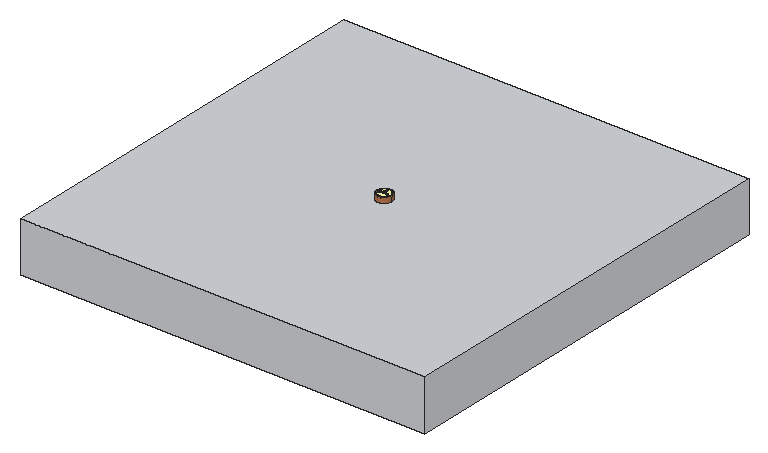
Revit family "EP_Shower Controller", category Lighting Devices, host Face, Revit 2013
Parameters
  Voltage = 230 V
  Red Button = Analytical Floor Surface
  Load Classification = Single Socket
  Load = 200 W
  Default Elevation = 1200 mm
Reference planes
  plane 1 "Center (Front/Back)": y = 0
  plane 2: z = 0
  plane 3 "Center (Left/Right)": x = 0
  plane 4 "Switch": z = 8
  plane 5: z = 35
Forms (mm)
  Extrusion 1, solid
    sketch origin (0, 0, 0) x (1, 0, 0) y (0, 1, 0)
      loop
        line (-1219.2, 1219.2) -> (-1219.2, -1219.2) -> (1219.2, -1219.2) -> (1219.2, 1219.2) -> (-1219.2, 1219.2)
    from 0 to -304.8
  Extrusion 2, solid, material "Light Body"
    sketch origin (0, 0, 0) x (1, 0, 0) y (0, 1, 0)
      loop
        circle (0, 0) r 45
    from 0 to 30
  Extrusion 3, void
    sketch origin (0, 0, 0) x (1, 0, 0) y (0, 1, 0)
      loop
        circle (0, 0) r 40
      loop
        circle (0, 0) r 37
    from 27 to 30
  Revolve 4, solid, material "Face Plate"
    sketch origin (0, 0, 0) x (1, 0, 0) y (0, 0, 1)
      loop
        line (-37, 30) -> (0, 30) -> (0, 35) -> (-37, 30)
      axis (0, 35) -> (0, 30)
    angle from 0 to 360
  Extrusion 5, void
    sketch origin (0, 0, 0) x (1, 0, 0) y (0, 1, 0)
      loop
        circle (0, 0) r 10
      loop
        circle (0, 0) r 12
    from 35 to 33
  Extrusion 6, void
    sketch origin (0, -4.346, 1.848) x (1, 0, 0) y (0, 0.990268, -0.139173)
      loop
        line (1, 11.041) -> (1, 38.773) -> (-1, 38.773) -> (-1, 11.041) -> (1, 11.041)
    from 35 to 32
  Extrusion 7, void
    sketch origin (-3.764, 2.173, 1.848) x (0.5, 0.866025, 0) y (-0.857597, 0.495134, 0.139173)
      loop
        line (1, -11.041) -> (-1, -11.041) -> (-1, -38.22) -> (1, -38.22) -> (1, -11.041)
    from 35 to 32
  Extrusion 8, void
    sketch origin (3.764, 2.173, 1.848) x (-0.5, 0.866025, 0) y (-0.857597, -0.495134, -0.139173)
      loop
        line (1, 11.041) -> (1, 38.22) -> (-1, 38.22) -> (-1, 11.041) -> (1, 11.041)
    from 35 to 32
Cuts and joins
  Extrusion 3, Extrusion 7, Extrusion 8 cuts Extrusion 2
  Extrusion 5, Extrusion 6, Extrusion 7, Extrusion 8 cuts Revolve 4
Dimensions and locks
  plane 5 to Extrusion 1 = 35 mm
  aligned and locked: plane 2 to Extrusion 1
  aligned and locked: level to Extrusion 1
Nested families
  nested 1: "SW_SC" at (0, 0, 0), type "SW_SC"
Definition of nested family "SW_SC"
  Reference planes
    plane 1: y = 0
    plane 2: x = 0
  Lines and regions (mm)
    detail lines, style "Switch Symbols"
      curve 1: line (-1.9, 0, 0) -> (1.9, 0, 0)
      curve 2: line (-1.9, 2.25, 0) -> (-1.9, 0, 0)
      curve 3: line (1.9, 2.25, 0) -> (-1.9, 2.25, 0)
      curve 4: line (1.9, 0, 0) -> (1.9, 2.25, 0)
  Text (mm)
    text "SC" at (-0.003, 2.26, 0)
